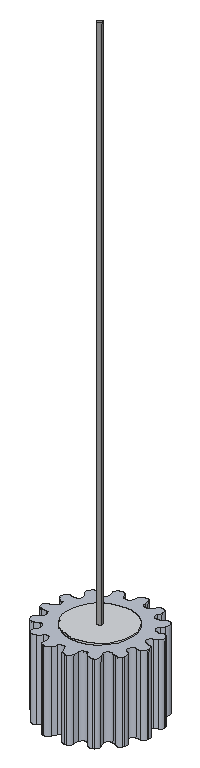
Revit family "ACU-Small Opera Pendant", category Lighting Fixtures, host Ceiling, Revit 2021
Family settings
  Host = Ceiling
  Round Connector Dimension = Use Diameter
  Part Type = Normal
  OmniClass Number = 23.80.70.11
  OmniClass Title = Luminaries for Internal Lighting
  Always vertical = Yes
  Cut with Voids When Loaded = No
  Light Source = Yes
  Shared = No
  Room Calculation Point = No
Parameters (values of type "Type 1")
  Wattage = 3.37561 W
  built-in parameter 1150110 = 1 (stored number, unit not read)
  built-in parameter 1114217 = 1 (stored number, unit not read)
  Tilt Angle = 90.00°
  built-in parameter 1150109 = 1 (stored number, unit not read)
  built-in parameter 1150134 = 12
  built-in parameter 1150113 = 1 (stored number, unit not read)
  Plate Thickness = 3 mm
  Photometric Web File = "LEDG125E278W.IES"
  Pendant Material = Acustico - Light Grey
  Light Source Material = Acustico - Perpsex
  Internal Pendant Material = Acustico - Rouge
  Emit from Circle Diameter = 400 mm
  Emit Shape Visible in Rendering = no
  Default Elevation = 0 mm
  Cable Material = Acustico - Timber
  Bracket Material = Acustico - Stainless Steel
  Manufacturer = "Acustico lighting"
  Lumens = 501.42 lm
  built-in parameter 1150115 = 1 (stored number, unit not read)
  built-in parameter 1150105 = 39.902 (stored number, unit not read)
  built-in parameter 1150137 = (empty or 0)
  built-in parameter 1150139 = (empty or 0)
  built-in parameter 1150112 = 1 (stored number, unit not read)
  built-in parameter 1150114 = 1 (stored number, unit not read)
  built-in parameter 1150132 = 2
  built-in parameter 1150102 = (empty or 0)
  built-in parameter 1150138 = (empty or 0)
  built-in parameter 1150107 = 4000 (stored number, unit not read)
  built-in parameter 1150106 = 0.39902 (stored number, unit not read)
  built-in parameter 1150104 = 13.8 (stored number, unit not read)
  Distance from Ceiling [instance] = 1220 mm
  Dimming Lamp Color Temperature Shift = <None>
  Description = "600mm Punk Pendant"
  Color Filter = 16777215
  built-in parameter 1114218 = 1 (stored number, unit not read)
  built-in parameter 1150133 = 10 (stored number, unit not read)
Reference planes
  plane 1 "Light Source Axis (F/B)": y = 0
  plane 2: z = 0
  plane 3 "Light Source Axis (L/R)": x = 0
  plane 4 "Ceiling": z = 4000
  plane 5 "Light Source Elevation": z = 2600
  plane 6 "Bottom of Bracket": z = 2780
  plane 7: y = 0
  plane 8: x = 0
  plane 9 "Top of Light": z = 2780
Forms (mm)
  Extrusion 1, solid
    sketch origin (0, 0, 4000) x (0, 1, 0) y (-1, 0, 0)
      loop
        circle (-0.177, -0.268) r 72.5
      loop
        circle (0, 0) r 5
    from -1217 to -1220
  Extrusion 2, solid, material "Acustico - Timber" <- "Cable Material"
    sketch origin (0, 0, 3330) x (-1, 0, 0) y (0, -1, 0)
      loop
        circle (0, 0) r 5
    from -550 to 670
  Extrusion 3, solid, material "Acustico - Light Grey" <- "Pendant Material"
    sketch origin (0, 0, 2600) x (-1, 0, 0) y (0, -1, 0)
      loop
        circle (-0.268, 0.177) r 72.5
      loop
        arc (75.813, -88.786) -> (82.462, -90.572) -> (88.69, -87.637) r 10
        arc (88.69, -87.637) -> (89.832, -86.465) -> (90.958, -85.279) r 125
        arc (90.958, -85.279) -> (93.648, -78.941) -> (91.602, -72.366) r 10
        line (91.602, -72.366) -> (85.197, -63.993)
        arc (85.197, -63.993) -> (84.648, -52.636) -> (95.078, -48.107) r 10
        line (95.078, -48.107) -> (105.42, -50.15)
        arc (105.42, -50.15) -> (112.221, -49.077) -> (116.717, -43.863) r 10
        arc (116.717, -43.863) -> (117.283, -42.328) -> (117.829, -40.786) r 125
        arc (117.829, -40.786) -> (117.708, -33.902) -> (113.166, -28.727) r 10
        line (113.166, -28.727) -> (103.909, -23.684)
        arc (103.909, -23.684) -> (98.788, -13.532) -> (106.473, -5.152) r 10
        line (106.473, -5.152) -> (116.752, -2.812)
        arc (116.752, -2.812) -> (122.529, 0.934) -> (124.515, 7.527) r 10
        arc (124.515, 7.527) -> (124.409, 9.159) -> (124.28, 10.79) r 125
        arc (124.28, 10.79) -> (121.37, 17.03) -> (115.116, 19.909) r 10
        line (115.116, 19.909) -> (104.607, 20.752)
        arc (104.607, 20.752) -> (95.8, 27.943) -> (99.413, 38.725) r 10
        line (99.413, 38.725) -> (107.851, 45.043)
        arc (107.851, 45.043) -> (111.605, 50.815) -> (110.738, 57.645) r 10
        arc (110.738, 57.645) -> (109.977, 59.093) -> (109.196, 60.531) r 125
        arc (109.196, 60.531) -> (103.999, 65.048) -> (97.115, 65.134) r 10
        line (97.115, 65.134) -> (87.172, 61.63)
        arc (87.172, 61.63) -> (76.201, 64.617) -> (75.116, 75.936) r 10
        line (75.116, 75.936) -> (80.256, 85.14)
        arc (80.256, 85.14) -> (81.337, 91.94) -> (77.767, 97.827) r 10
        arc (77.767, 97.827) -> (76.482, 98.84) -> (75.184, 99.836) r 125
        arc (75.184, 99.836) -> (68.6, 101.849) -> (62.275, 99.127) r 10
        line (62.275, 99.127) -> (54.618, 91.882)
        arc (54.618, 91.882) -> (43.38, 90.149) -> (37.785, 100.048) r 10
        line (37.785, 100.048) -> (38.736, 110.547)
        arc (38.736, 110.547) -> (36.959, 117.199) -> (31.303, 121.125) r 10
        arc (31.303, 121.125) -> (29.717, 121.528) -> (28.126, 121.91) r 125
        arc (28.126, 121.91) -> (21.293, 121.07) -> (16.622, 116.011) r 10
        line (16.622, 116.011) -> (12.573, 106.278)
        arc (12.573, 106.278) -> (3.012, 100.124) -> (-6.125, 106.891) r 10
        line (-6.125, 106.891) -> (-9.527, 116.87)
        arc (-9.527, 116.87) -> (-13.856, 122.223) -> (-20.62, 123.509) r 10
        arc (-20.62, 123.509) -> (-22.233, 123.233) -> (-23.841, 122.935) r 125
        arc (-23.841, 122.935) -> (-29.743, 119.388) -> (-31.953, 112.867) r 10
        line (-31.953, 112.867) -> (-31.692, 102.328)
        arc (-31.692, 102.328) -> (-37.923, 92.817) -> (-49.023, 95.283) r 10
        line (-49.023, 95.283) -> (-56.189, 103.015)
        arc (-56.189, 103.015) -> (-62.322, 106.145) -> (-69.024, 104.569) r 10
        arc (-69.024, 104.569) -> (-70.385, 103.66) -> (-71.733, 102.734) r 125
        arc (-71.733, 102.734) -> (-75.682, 97.093) -> (-75.048, 90.237) r 10
        line (-75.048, 90.237) -> (-70.524, 80.716)
        arc (-70.524, 80.716) -> (-72.348, 69.492) -> (-83.491, 67.231) r 10
        line (-83.491, 67.231) -> (-93.183, 71.379)
        arc (-93.183, 71.379) -> (-100.058, 71.745) -> (-105.54, 67.579) r 10
        arc (-105.54, 67.579) -> (-106.413, 66.195) -> (-107.268, 64.8) r 125
        arc (-107.268, 64.8) -> (-108.581, 58.041) -> (-105.214, 52.036) r 10
        line (-105.214, 52.036) -> (-97.207, 45.177)
        arc (-97.207, 45.177) -> (-94.309, 34.182) -> (-103.569, 27.584) r 10
        line (-103.569, 27.584) -> (-114.11, 27.432)
        arc (-114.11, 27.432) -> (-120.54, 24.969) -> (-123.853, 18.934) r 10
        arc (-123.853, 18.934) -> (-124.088, 17.315) -> (-124.302, 15.693) r 125
        arc (-124.302, 15.693) -> (-122.752, 8.984) -> (-117.233, 4.867) r 10
        line (-117.233, 4.867) -> (-107.13, 1.858)
        arc (-107.13, 1.858) -> (-100.01, -7.007) -> (-105.786, -16.802) r 10
        line (-105.786, -16.802) -> (-115.354, -21.228)
        arc (-115.354, -21.228) -> (-120.225, -26.093) -> (-120.798, -32.954) r 10
        arc (-120.798, -32.954) -> (-120.354, -34.529) -> (-119.889, -36.098) r 125
        arc (-119.889, -36.098) -> (-115.745, -41.596) -> (-109.029, -43.112) r 10
        line (-109.029, -43.112) -> (-98.575, -41.751)
        arc (-98.575, -41.751) -> (-88.465, -46.955) -> (-89.757, -58.251) r 10
        line (-89.757, -58.251) -> (-96.698, -66.186)
        arc (-96.698, -66.186) -> (-99.17, -72.612) -> (-96.902, -79.113) r 10
        arc (-96.902, -79.113) -> (-95.855, -80.371) -> (-94.793, -81.615) r 125
        arc (-94.793, -81.615) -> (-88.771, -84.953) -> (-82.019, -83.606) r 10
        line (-82.019, -83.606) -> (-73.022, -78.111)
        arc (-73.022, -78.111) -> (-67.245, -76.661) -> (-61.669, -78.753) r 10
        arc (-61.669, -78.753) -> (-58.27, -83.643) -> (-58.254, -89.599) r 10
        line (-58.254, -89.599) -> (-61.367, -99.671)
        arc (-61.367, -99.671) -> (-61.011, -106.547) -> (-56.295, -111.563) r 10
        arc (-56.295, -111.563) -> (-54.828, -112.287) -> (-53.351, -112.992) r 125
        arc (-53.351, -112.992) -> (-46.492, -113.591) -> (-40.871, -109.614) r 10
        line (-40.871, -109.614) -> (-34.888, -100.935)
        arc (-34.888, -100.935) -> (-24.256, -96.903) -> (-16.725, -105.423) r 10
        line (-16.725, -105.423) -> (-15.473, -115.89)
        arc (-15.473, -115.89) -> (-12.351, -122.027) -> (-6.002, -124.691) r 10
        arc (-6.002, -124.691) -> (-4.367, -124.755) -> (-2.732, -124.798) r 125
        arc (-2.732, -124.798) -> (3.778, -122.556) -> (7.295, -116.637) r 10
        line (7.295, -116.637) -> (9.231, -106.274)
        arc (9.231, -106.274) -> (17.304, -98.267) -> (27.649, -102.987) r 10
        line (27.649, -102.987) -> (33.051, -112.04)
        arc (33.051, -112.04) -> (38.398, -116.376) -> (45.282, -116.228) r 10
        arc (45.282, -116.228) -> (46.802, -115.622) -> (48.313, -114.996) r 125
        arc (48.313, -114.996) -> (53.348, -110.299) -> (54.154, -103.462) r 10
        line (54.154, -103.462) -> (51.708, -93.207)
        arc (51.708, -93.207) -> (55.825, -82.608) -> (67.196, -82.713) r 10
        line (67.196, -82.713) -> (75.813, -88.786)
    from 0 to 180
  Extrusion 4, solid, material "Acustico - Timber" <- "Cable Material"
    sketch origin (0, 0, 3330) x (-1, 0, 0) y (0, -1, 0)
      loop
        circle (0, 0) r 9
    from -560 to -550
Dimensions and locks
  equal spacing: host sketch curve, plane 3 "Light Source Axis (L/R)", host sketch curve
  equal spacing: host sketch curve, plane 1 "Light Source Axis (F/B)", host sketch curve
  host sketch curve to host sketch curve = 4000 mm  (x2)
  host ceiling to plane 4 "Ceiling" = 0 mm
  plane 5 "Light Source Elevation" to plane 6 "Bottom of Bracket" = 180 mm
  "Distance from Ceiling": plane 6 "Bottom of Bracket" to plane 4 "Ceiling"
  locked: plane 5 "Light Source Elevation" to plane 9 "Top of Light" at 180
  "Distance from Ceiling": plane 9 "Top of Light" to plane 4 "Ceiling"
  "Plate Thickness": plane 9 "Top of Light" to Extrusion 1
  locked: Extrusion 4 to plane 9 "Top of Light" at 10
  aligned and locked: plane 3 "Light Source Axis (L/R)" to imposter light
  aligned and locked: plane 1 "Light Source Axis (F/B)" to imposter light
  aligned and locked: plane 5 "Light Source Elevation" to imposter light
  aligned and locked: host ceiling to Extrusion 2
  aligned and locked: Extrusion 3 to plane 9 "Top of Light"
  aligned and locked: plane 5 "Light Source Elevation" to Extrusion 3
  aligned and locked: plane 9 "Top of Light" to Extrusion 1
  aligned and locked: Extrusion 1 to Extrusion 2
  aligned and locked: Extrusion 4 to Extrusion 1
Automatic sketch dimensions
  plane 1 "Light Source Axis (F/B)" to Extrusion 1 sketch curve = 0.177 mm
  plane 1 "Light Source Axis (F/B)" to Extrusion 2 sketch curve = 0 mm
  Extrusion 2 sketch curve to plane 3 "Light Source Axis (L/R)" = 0 mm
  Extrusion 3 sketch curve to Extrusion 3 sketch curve = 0 mm  (x255)
  plane 1 "Light Source Axis (F/B)" to Extrusion 3 sketch curve = 4.867 mm
  plane 3 "Light Source Axis (L/R)" to Extrusion 3 sketch curve = 117.233 mm
  Extrusion 3 sketch curve to plane 1 "Light Source Axis (F/B)" = 21.228 mm
  Extrusion 3 sketch curve to Extrusion 3 sketch curve = 1.88 mm
  Extrusion 3 sketch curve to Extrusion 3 sketch curve = 2.854 mm  (x2)
  plane 1 "Light Source Axis (F/B)" to Extrusion 3 sketch curve = 27.432 mm
  Extrusion 3 sketch curve to Extrusion 3 sketch curve = 0.269 mm
  Extrusion 3 sketch curve to Extrusion 3 sketch curve = 0.413 mm
  Extrusion 3 sketch curve to Extrusion 3 sketch curve = 4.198 mm  (x2)
  Extrusion 3 sketch curve to Extrusion 3 sketch curve = 0.836 mm
  Extrusion 3 sketch curve to Extrusion 3 sketch curve = 5.37 mm
  Extrusion 3 sketch curve to plane 1 "Light Source Axis (F/B)" = 43.112 mm
  Extrusion 3 sketch curve to Extrusion 3 sketch curve = 1.291 mm  (x2)
  plane 1 "Light Source Axis (F/B)" to Extrusion 3 sketch curve = 1.858 mm
  Extrusion 3 sketch curve to plane 1 "Light Source Axis (F/B)" = 16.802 mm
  plane 1 "Light Source Axis (F/B)" to Extrusion 3 sketch curve = 52.036 mm
  Extrusion 3 sketch curve to Extrusion 3 sketch curve = 8.897 mm
  Extrusion 3 sketch curve to Extrusion 3 sketch curve = 1.501 mm
  plane 1 "Light Source Axis (F/B)" to Extrusion 3 sketch curve = 27.584 mm
  Extrusion 3 sketch curve to Extrusion 3 sketch curve = 0.144 mm
  Extrusion 3 sketch curve to Extrusion 3 sketch curve = 6.506 mm  (x2)
  Extrusion 3 sketch curve to plane 1 "Light Source Axis (F/B)" = 41.751 mm
  Extrusion 3 sketch curve to Extrusion 3 sketch curve = 10.454 mm
  plane 1 "Light Source Axis (F/B)" to Extrusion 3 sketch curve = 45.177 mm
  Extrusion 3 sketch curve to Extrusion 3 sketch curve = 1.59 mm
  Extrusion 3 sketch curve to Extrusion 3 sketch curve = 0.586 mm
  Extrusion 3 sketch curve to Extrusion 3 sketch curve = 3.935 mm  (x2)
  Extrusion 3 sketch curve to Extrusion 3 sketch curve = 7.527 mm  (x2)
  Extrusion 3 sketch curve to Extrusion 3 sketch curve = 1.94 mm
  Extrusion 3 sketch curve to Extrusion 3 sketch curve = 9.691 mm
  Extrusion 3 sketch curve to Extrusion 3 sketch curve = 5.212 mm  (x2)
  Extrusion 3 sketch curve to Extrusion 3 sketch curve = 4.508 mm
  Extrusion 3 sketch curve to Extrusion 3 sketch curve = 8.997 mm
  Extrusion 3 sketch curve to Extrusion 3 sketch curve = 9.032 mm  (x2)
  Extrusion 3 sketch curve to Extrusion 3 sketch curve = 0.002 mm
  Extrusion 3 sketch curve to Extrusion 3 sketch curve = 2.492 mm
  Extrusion 3 sketch curve to Extrusion 3 sketch curve = 6.441 mm
  Extrusion 3 sketch curve to Extrusion 3 sketch curve = 9.554 mm  (x2)
  Extrusion 3 sketch curve to Extrusion 3 sketch curve = 7.334 mm  (x2)
  Extrusion 3 sketch curve to Extrusion 3 sketch curve = 2.708 mm
  Extrusion 3 sketch curve to Extrusion 3 sketch curve = 7.166 mm
  Extrusion 3 sketch curve to Extrusion 3 sketch curve = 8.233 mm  (x2)
  Extrusion 3 sketch curve to Extrusion 3 sketch curve = 5.984 mm
  Extrusion 3 sketch curve to Extrusion 3 sketch curve = 9.736 mm
  Extrusion 3 sketch curve to Extrusion 3 sketch curve = 9.997 mm  (x2)
  Extrusion 3 sketch curve to Extrusion 3 sketch curve = 2.964 mm
  Extrusion 3 sketch curve to Extrusion 3 sketch curve = 9.929 mm
  Extrusion 3 sketch curve to Extrusion 3 sketch curve = 1.253 mm
  plane 3 "Light Source Axis (L/R)" to Extrusion 3 sketch curve = 9.527 mm
  plane 3 "Light Source Axis (L/R)" to Extrusion 3 sketch curve = 6.125 mm
  plane 3 "Light Source Axis (L/R)" to Extrusion 3 sketch curve = 5.544 mm
  plane 3 "Light Source Axis (L/R)" to Extrusion 3 sketch curve = 2.535 mm
  plane 1 "Light Source Axis (F/B)" to Extrusion 3 sketch curve = 0.177 mm
  plane 3 "Light Source Axis (L/R)" to Extrusion 3 sketch curve = 0.268 mm
  Extrusion 3 sketch curve to plane 3 "Light Source Axis (L/R)" = 3.34 mm
  Extrusion 3 sketch curve to plane 3 "Light Source Axis (L/R)" = 7.295 mm
  Extrusion 3 sketch curve to plane 3 "Light Source Axis (L/R)" = 9.231 mm
  Extrusion 3 sketch curve to Extrusion 3 sketch curve = 9.233 mm  (x2)
  Extrusion 3 sketch curve to Extrusion 3 sketch curve = 4.049 mm
  Extrusion 3 sketch curve to Extrusion 3 sketch curve = 9.83 mm
  Extrusion 3 sketch curve to Extrusion 3 sketch curve = 8.587 mm  (x2)
  Extrusion 3 sketch curve to Extrusion 3 sketch curve = 2.922 mm
  Extrusion 3 sketch curve to Extrusion 3 sketch curve = 5.402 mm
  Extrusion 3 sketch curve to Extrusion 3 sketch curve = 9.008 mm
  Extrusion 3 sketch curve to Extrusion 3 sketch curve = 9.959 mm  (x2)
  Extrusion 3 sketch curve to Extrusion 3 sketch curve = 2.789 mm
  Extrusion 3 sketch curve to Extrusion 3 sketch curve = 7.281 mm
  Extrusion 3 sketch curve to Extrusion 3 sketch curve = 9.727 mm  (x2)
  Extrusion 3 sketch curve to Extrusion 3 sketch curve = 6.873 mm  (x2)
  Extrusion 3 sketch curve to Extrusion 3 sketch curve = 7.658 mm
  Extrusion 3 sketch curve to Extrusion 3 sketch curve = 5.761 mm  (x2)
  Extrusion 3 sketch curve to Extrusion 3 sketch curve = 2.376 mm
  Extrusion 3 sketch curve to Extrusion 3 sketch curve = 3.592 mm
  Extrusion 3 sketch curve to Extrusion 3 sketch curve = 8.617 mm
  Extrusion 3 sketch curve to Extrusion 3 sketch curve = 8.731 mm  (x2)
  Extrusion 3 sketch curve to Extrusion 3 sketch curve = 2.087 mm
  Extrusion 3 sketch curve to Extrusion 3 sketch curve = 1.537 mm
  plane 1 "Light Source Axis (F/B)" to Extrusion 3 sketch curve = 61.63 mm
  Extrusion 3 sketch curve to Extrusion 3 sketch curve = 3.324 mm  (x2)
  Extrusion 3 sketch curve to Extrusion 3 sketch curve = 7.942 mm  (x2)
  Extrusion 3 sketch curve to Extrusion 3 sketch curve = 1.938 mm  (x2)
  Extrusion 3 sketch curve to Extrusion 3 sketch curve = 9.943 mm
  plane 1 "Light Source Axis (F/B)" to Extrusion 3 sketch curve = 38.725 mm
  Extrusion 3 sketch curve to Extrusion 3 sketch curve = 12.241 mm
  Extrusion 3 sketch curve to Extrusion 3 sketch curve = 1.419 mm
  Extrusion 3 sketch curve to plane 1 "Light Source Axis (F/B)" = 23.684 mm
  Extrusion 3 sketch curve to Extrusion 3 sketch curve = 8.831 mm
  plane 1 "Light Source Axis (F/B)" to Extrusion 3 sketch curve = 20.752 mm
  Extrusion 3 sketch curve to Extrusion 3 sketch curve = 5.195 mm
  Extrusion 3 sketch curve to Extrusion 3 sketch curve = 5.994 mm  (x2)
  Extrusion 3 sketch curve to plane 1 "Light Source Axis (F/B)" = 50.15 mm
  Extrusion 3 sketch curve to Extrusion 3 sketch curve = 10.342 mm
  Extrusion 3 sketch curve to plane 1 "Light Source Axis (F/B)" = 5.152 mm
  Extrusion 3 sketch curve to Extrusion 3 sketch curve = 2.565 mm
  plane 1 "Light Source Axis (F/B)" to Extrusion 3 sketch curve = 45.043 mm
  Extrusion 3 sketch curve to Extrusion 3 sketch curve = 1.024 mm
  Extrusion 3 sketch curve to Extrusion 3 sketch curve = 2.22 mm  (x2)
  Extrusion 3 sketch curve to plane 1 "Light Source Axis (F/B)" = 28.727 mm
  Extrusion 3 sketch curve to Extrusion 3 sketch curve = 4.784 mm
  Extrusion 3 sketch curve to Extrusion 3 sketch curve = 9.709 mm
  Extrusion 3 sketch curve to Extrusion 3 sketch curve = 0.216 mm
  plane 1 "Light Source Axis (F/B)" to Extrusion 3 sketch curve = 19.909 mm
  Extrusion 3 sketch curve to Extrusion 3 sketch curve = 0.799 mm
  Extrusion 3 sketch curve to plane 1 "Light Source Axis (F/B)" = 2.812 mm
  Extrusion 3 sketch curve to Extrusion 3 sketch curve = 9.916 mm  (x2)
  Extrusion 3 sketch curve to Extrusion 3 sketch curve = 7.767 mm
  Extrusion 3 sketch curve to Extrusion 3 sketch curve = 6.076 mm  (x2)
  Extrusion 3 sketch curve to Extrusion 3 sketch curve = 7.935 mm
  Extrusion 3 sketch curve to Extrusion 3 sketch curve = 8.373 mm
  Extrusion 3 sketch curve to Extrusion 3 sketch curve = 6.584 mm
  Extrusion 3 sketch curve to Extrusion 3 sketch curve = 2.302 mm
  Extrusion 3 sketch curve to Extrusion 3 sketch curve = 3.039 mm
  Extrusion 3 sketch curve to Extrusion 3 sketch curve = 2.17 mm
  Extrusion 3 sketch curve to Extrusion 3 sketch curve = 2.101 mm
  Extrusion 3 sketch curve to Extrusion 3 sketch curve = 8.534 mm  (x2)
  Extrusion 3 sketch curve to Extrusion 3 sketch curve = 0.001 mm
  Extrusion 3 sketch curve to Extrusion 3 sketch curve = 8.174 mm  (x2)
  Extrusion 3 sketch curve to Extrusion 3 sketch curve = 2.953 mm  (x2)
  Extrusion 3 sketch curve to Extrusion 3 sketch curve = 10.072 mm
  Extrusion 3 sketch curve to Extrusion 3 sketch curve = 11.336 mm
  Extrusion 3 sketch curve to Extrusion 3 sketch curve = 9.78 mm
  Extrusion 3 sketch curve to Extrusion 3 sketch curve = 10.254 mm
  Extrusion 3 sketch curve to Extrusion 3 sketch curve = 1.314 mm
  Extrusion 3 sketch curve to Extrusion 3 sketch curve = 4.488 mm
  Extrusion 3 sketch curve to Extrusion 3 sketch curve = 2.32 mm
  Extrusion 3 sketch curve to Extrusion 3 sketch curve = 3.287 mm
  Extrusion 3 sketch curve to Extrusion 3 sketch curve = 1.134 mm
  Extrusion 3 sketch curve to Extrusion 3 sketch curve = 5.676 mm
  Extrusion 3 sketch curve to Extrusion 3 sketch curve = 5.124 mm
  Extrusion 3 sketch curve to Extrusion 3 sketch curve = 9.279 mm
  Extrusion 3 sketch curve to Extrusion 3 sketch curve = 0.099 mm
  Extrusion 3 sketch curve to Extrusion 3 sketch curve = 1.188 mm
  Extrusion 3 sketch curve to Extrusion 3 sketch curve = 1.837 mm
  Extrusion 3 sketch curve to Extrusion 3 sketch curve = 9.81 mm
  Extrusion 3 sketch curve to Extrusion 3 sketch curve = 2.831 mm
  Extrusion 3 sketch curve to Extrusion 3 sketch curve = 2.892 mm
  plane 1 "Light Source Axis (F/B)" to Extrusion 3 sketch curve = 6.939 mm
  Extrusion 3 sketch curve to Extrusion 3 sketch curve = 3.003 mm
  Extrusion 3 sketch curve to Extrusion 3 sketch curve = 9.584 mm
  Extrusion 3 sketch curve to Extrusion 3 sketch curve = 2.982 mm
  Extrusion 3 sketch curve to Extrusion 3 sketch curve = 8.005 mm
  Extrusion 3 sketch curve to Extrusion 3 sketch curve = 2.655 mm
  Extrusion 3 sketch curve to Extrusion 3 sketch curve = 7.595 mm
  Extrusion 3 sketch curve to Extrusion 3 sketch curve = 2.556 mm
  Extrusion 3 sketch curve to Extrusion 3 sketch curve = 9.431 mm  (x2)
  Extrusion 3 sketch curve to Extrusion 3 sketch curve = 5.044 mm
  Extrusion 3 sketch curve to Extrusion 3 sketch curve = 9.193 mm  (x2)
  Extrusion 3 sketch curve to Extrusion 3 sketch curve = 9.205 mm
  Extrusion 3 sketch curve to Extrusion 3 sketch curve = 4.875 mm
  Extrusion 3 sketch curve to Extrusion 3 sketch curve = 9.522 mm
  Extrusion 3 sketch curve to Extrusion 3 sketch curve = 1.848 mm
  Extrusion 3 sketch curve to Extrusion 3 sketch curve = 0.018 mm
  Extrusion 3 sketch curve to Extrusion 3 sketch curve = 4.292 mm
  Extrusion 3 sketch curve to Extrusion 3 sketch curve = 0.754 mm
  Extrusion 3 sketch curve to Extrusion 3 sketch curve = 1.689 mm
  Extrusion 3 sketch curve to Extrusion 3 sketch curve = 7.264 mm  (x2)
  Extrusion 3 sketch curve to Extrusion 3 sketch curve = 6.798 mm  (x2)
  Extrusion 3 sketch curve to Extrusion 3 sketch curve = 6.23 mm
  Extrusion 3 sketch curve to Extrusion 3 sketch curve = 0.614 mm
  Extrusion 3 sketch curve to Extrusion 3 sketch curve = 10.499 mm
  Extrusion 3 sketch curve to Extrusion 3 sketch curve = 0.902 mm
  Extrusion 3 sketch curve to Extrusion 3 sketch curve = 0.722 mm
  Extrusion 3 sketch curve to Extrusion 3 sketch curve = 10.539 mm
  Extrusion 3 sketch curve to Extrusion 3 sketch curve = 0.247 mm
  Extrusion 3 sketch curve to Extrusion 3 sketch curve = 0.529 mm
  Extrusion 3 sketch curve to Extrusion 3 sketch curve = 3.84 mm
  Extrusion 3 sketch curve to Extrusion 3 sketch curve = 3.227 mm
  plane 1 "Light Source Axis (F/B)" to Extrusion 1 sketch curve = 0 mm
  Extrusion 1 sketch curve to plane 3 "Light Source Axis (L/R)" = 0 mm
  Extrusion 1 sketch curve to Extrusion 1 sketch curve = 4.732 mm
  Extrusion 1 sketch curve to Extrusion 1 sketch curve = 0 mm
  plane 3 "Light Source Axis (L/R)" to Extrusion 1 sketch curve = 0.268 mm
  Extrusion 1 sketch curve to Extrusion 1 sketch curve = 67.768 mm
  plane 1 "Light Source Axis (F/B)" to Extrusion 4 sketch curve = 0 mm
  Extrusion 4 sketch curve to plane 3 "Light Source Axis (L/R)" = 0 mm
  radius of Extrusion 2 sketch curve = 5 mm
  radius of Extrusion 3 sketch curve = 72.5 mm
  radius of Extrusion 4 sketch curve = 9 mm
